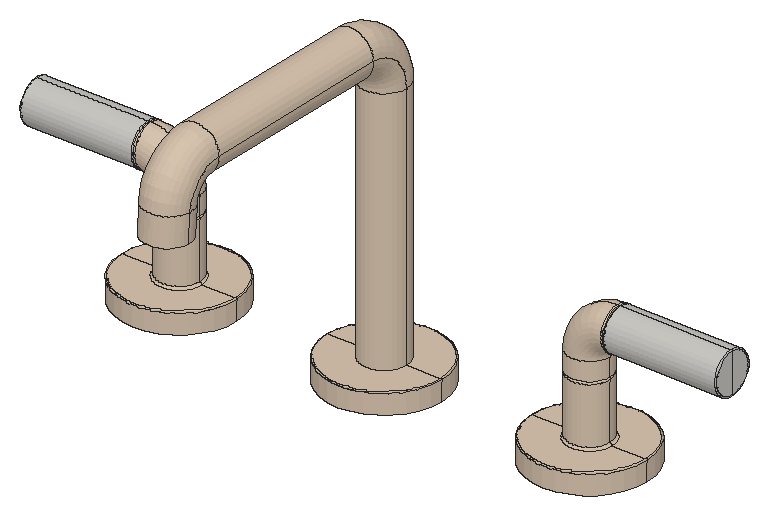
Revit family "Faucet-Lavatory-KALLISTA-One-P32357_1", category Plumbing Fixtures, host Face, Revit 2021
Family settings
  Host = Face
  Round Connector Dimension = Use Diameter
  Part Type = Normal
  OmniClass Number = 23.31.11.00
  OmniClass Title = Faucets
  Cut with Voids When Loaded = No
  Shared = No
  Room Calculation Point = No
Parameters (values of type "AD, BAF-Brushed French Gold")
  Width [instance] = Faucet Hole Spacing  # 8"
  WaterSense Certified = 1 = 0  # no
  Waste Water Outlet = "Waste Water Outlet"  # constant formula
  Waste Connection = 1 = 0  # no
  Vent Connection = 1 = 0  # no
  URL = "https://www.kallista.com/"
  Type = 1
  Spout Reach = 5.31102"  # constant formula
  Secondary Finish = Kallista-Metal-AD-Nickel_Silver
  Product Page URL = ""
  Product Name = "One"  # constant formula
  Product Documentation Link = ""
  Pressure = 45.00 psi  # constant formula
  Model = if(Type = 1, "P32357-AD-BAF", if(Type = 2, "P32357-ULB-SN", "NA"))  # "P32357-AD-BAF"
  Material = "Premium Metal Construction"  # constant formula
  Master Format 2014 Name = "Residential Faucets, Supplies, and Trim"  # constant formula
  Master Format 2014 = "22 41 39"  # constant formula
  Manufacturer Address = "444 Highland Dr, Kohler, WI 53044"  # constant formula
  Manufacturer = "Kallista Co."  # constant formula
  Length = Spout Reach  # 5.31102"
  Hot Water Inlet = "Hot Water Inlet"  # constant formula
  Height = 6.48819"  # constant formula
  Handle Clearance = 2.78622"  # constant formula
  HW Connection = 1 = 1  # yes
  Flow Rate = 1.2 GPM  # constant formula
  Finish = Kallista-Metal-BAF-Brushed_French_Gold
  Faucet Hole Spacing [instance] = 8"
  Environmental Product Declaration = ""
  Drain Included = 1 = 0  # no
  Description = "Sink Faucet , Tall Spout"  # constant formula
  Default Elevation = 36"
  Declare Label = ""
  Date Modified = "02/09/2023"  # constant formula
  Date Created = "02/09/2023"  # constant formula
  Copyright = "Copyright Kallista Co."  # constant formula
  Contact Us = "https://www.kallista.com/corporate/contact-us/"
  Cold Water Inlet = "Cold Water Inlet"  # constant formula
  CW Connection = 1 = 1  # yes
  Assembly Code = "D2010"
  ADA Compliant = 1 = 0  # no
Types (3): name | Type | Secondary Finish | Model | Finish
  (no name) | 1 | Kallista-Metal-AD-Nickel_Silver | "P32357-AD-BAF" | Kallista-Metal-BAF-Brushed_French_Gold
  AD, BAF-Brushed French Gold | 1 | Kallista-Metal-AD-Nickel_Silver | "P32357-AD-BAF" | Kallista-Metal-BAF-Brushed_French_Gold
  ULB, SN-Polished Nickel | 2 | Kallista-Metal-ULB-Unlacquered_Brass | "P32357-ULB-SN" | Kallista-Metal-SN-Polished_Nickel
Reference planes (in)
  plane 1 "Center (Front/Back)": y = 0
  plane 2: z = 0
  plane 3 "Center (Left/Right)": x = 0
  plane 4: x = -4
  plane 5: x = 4
  plane 6: x = -5.12598
  plane 7: x = -2.87402
  plane 8: y = 1.12598
  plane 9: x = 1.12598
  plane 10: x = -1.12598
  plane 11: x = 2.87402
  plane 12: x = 5.12598
  plane 13: y = -1.12598
  plane 14: y = 0.40169
  plane 15: y = -0.40169
  plane 16: z = 2.8937
  plane 17: z = 6.48819
  plane 18: x = -0.44056
  plane 19: x = 0.44056
  plane 20: z = 2.48819
  plane 21: x = -6.78622
  plane 22: y = -5.31102
  plane 23: y = -5.74803
  plane 24: through (0, -5.22464, 6.48917) normal (0, -0.9986, 0.0523)
  plane 25: x = 6.78622
Dimensions and locks (in)
  "Width": plane 4 to plane 5
  equal spacing: plane 4, plane 3 "Center (Left/Right)", plane 5
  equal spacing: plane 6, plane 4, plane 7
  equal spacing: plane 11, plane 5, plane 12
  plane 13 to plane 8 = 2.25197"
  locked: plane 7 to plane 6 at 2.25197
  "Handle Clearance": plane 21 to plane 4
  plane 16 to level = 2.8937"
  plane 20 to level = 2.48819"
  "Height": level to plane 17
  "Length": plane 1 "Center (Front/Back)" to plane 22
  plane 15 to plane 14 = 0.80337"
  "Handle Clearance": plane 25 to plane 5
  locked: plane 11 to plane 12 at 2.25197
  aligned and locked: plane 2 to host face
  aligned and locked: level to host face
  aligned and locked: plane 3 "Center (Left/Right)" to nested 1
  aligned and locked: plane 1 "Center (Front/Back)" to nested 2
  aligned and locked: nested 2 to plane 4
  aligned and locked: plane 5 to nested 3
  aligned and locked: nested 3 to plane 1 "Center (Front/Back)"
Automatic sketch dimensions
  host sketch curve to host sketch curve = 96"  (x2)
Nested families (in)
  nested 1: "P32357_Faucet" at (0, 0, 0), type "P32357_Faucet"
  nested 2: "P32357_Handle" at (-4, 0, 0), type "P32357_Handle"
  nested 3: "P32357_Handle" at (4, 0, 0) x (-1, 0, 0) z (0, 0, 1), type "P32357_Handle"
Connectors (in)
  piping at (-4, 0, 0), diameter 0.5, driven by "Flow Rate", driven by "Pressure", driven by "HW Connection", driven by "Hot Water Inlet"
    settings: on nested 2, index 1, connector inside diameter 24", connector length 0", flow factor 0, pipe flow 1.2 GPM, pressure drop 45.00 psi, fitting loss kfactor 0, connector angle 0.00°, fixture units 0, engagement length 0", angle of deflection 0.00°, flow configuration 1, flow direction 1, fitting loss method 4, system type 19, joint type 0, gender type 0, connector reference index -1, connector utility 1, adjustable connector no, is connector primary yes, connector description "Hot Water Inlet"
  piping at (4, 0, 0), diameter 0.5, driven by "Flow Rate", driven by "Pressure", driven by "CW Connection", driven by "Cold Water Inlet"
    settings: on nested 3, index 2, connector inside diameter 24", connector length 0", flow factor 0, pipe flow 1.2 GPM, pressure drop 45.00 psi, fitting loss kfactor 0, connector angle 0.00°, fixture units 0, engagement length 0", angle of deflection 0.00°, flow configuration 1, flow direction 1, fitting loss method 4, system type 20, joint type 0, gender type 0, connector reference index -1, connector utility 1, adjustable connector no, is connector primary no, connector description "Cold Water Inlet"
Definition of nested family "P32357_Faucet"
  Parameters (values of type "P32357_Faucet")
    Material = none
    Default Elevation = 0"
  Reference planes (in)
    plane 1 "Center (Front/Back)": y = 0
    plane 2: z = 0
    plane 3 "Center (Left/Right)": x = 0
    plane 4: x = -1.12598
    plane 5: x = 1.12598
    plane 6: y = 1.12598
    plane 7: y = -1.12598
    plane 8: z = 6.48819
    plane 9: y = -5.31102
    plane 10: y = -5.74803
    plane 11: through (0, -5.31102, 4.84078) normal (0, 0.9986, -0.0523)
    plane 12: x = -0.44056
    plane 13: x = 0.44056
  Forms (in)
    Revolve 1, solid, material <- "Material", detail levels medium+fine
      sketch origin (0, 0, 0) x (1, 0, 0) y (0, 0, 1)
        loop
          line (0, 0) -> (0, 0.39997) -> (-1.10612, 0.39997)
          arc (-1.10612, 0.39997) -> (-1.12017, 0.39415) -> (-1.12598, 0.38011) r 0.01986
          line (-1.12598, 0.38011) -> (-1.12598, 0) -> (0, 0)
        axis (0, 0) -> (0, 0.39997)
      angle from 0 to 360
    Sweep 2, solid, material <- "Material", detail levels medium+fine
      path origin (0, 0, 0) x (0, 1, 0) y (0, 0, 1)
        loop
          line (0, 0.27481) -> (0, 5.23063)
          arc (0, 5.23063) -> (-0.23975, 5.80943) -> (-0.81854, 6.04917) r 0.81854
          line (-0.81854, 6.04917) -> (-4.58281, 6.04917)
          arc (-4.58281, 6.04917) -> (-5.0651, 5.85676) -> (-5.28249, 5.3852) r 0.70064
          line (-5.28249, 5.3852) -> (-5.31105, 4.84037)
      profile origin (0, 0, 2.75272) x (0, -1, 0) y (1, 0, 0)
        loop
          circle (0, 0) r 0.44
    Extrusion 3, solid, detail levels medium+fine
      sketch origin (0, -0.06633, 3.26456) x (1, 0, 0) y (0, 0.99863, -0.052336)
        loop
          arc (0.3028, -5.51311) -> (0.33775, -5.4493) -> (0.35822, -5.37949) r 0.3377
          line (0.35822, -5.37949) -> (0.3184, -5.37949)
          arc (0.3184, -5.37949) -> (0.30165, -5.43433) -> (0.27453, -5.48484) r 0.29266
          line (0.27453, -5.48484) -> (0.3028, -5.51311)
        loop
          line (0.3183, -5.23969) -> (0.35823, -5.23969)
          arc (0.35823, -5.23969) -> (0.33728, -5.17005) -> (0.30278, -5.10603) r 0.36041
          line (0.30278, -5.10603) -> (0.27456, -5.13426)
          arc (0.27456, -5.13426) -> (0.30222, -5.18457) -> (0.3183, -5.23969) r 0.26293
        loop
          line (0.07, -5.62545) -> (0.07, -5.66732)
          arc (0.07, -5.66732) -> (0.13975, -5.64652) -> (0.20382, -5.61197) r 0.3558
          line (0.20382, -5.61197) -> (0.17562, -5.58377)
          arc (0.17562, -5.58377) -> (0.1254, -5.61118) -> (0.07, -5.62545) r 0.23166
        loop
          line (-0.07, -5.66738) -> (-0.07, -5.62545)
          arc (-0.07, -5.62545) -> (-0.12512, -5.61107) -> (-0.17448, -5.58265) r 0.21379
          line (-0.17448, -5.58265) -> (-0.20381, -5.61197)
          arc (-0.20381, -5.61197) -> (-0.13951, -5.64596) -> (-0.07, -5.66738) r 0.38856
        loop
          arc (-0.27464, -5.48499) -> (-0.30045, -5.43395) -> (-0.3179, -5.37949) r 0.3622
          line (-0.3179, -5.37949) -> (-0.35822, -5.37949)
          arc (-0.35822, -5.37949) -> (-0.33775, -5.44933) -> (-0.30283, -5.51318) r 0.33844
          line (-0.30283, -5.51318) -> (-0.27464, -5.48499)
        loop
          arc (-0.3183, -5.23969) -> (-0.3009, -5.18493) -> (-0.27534, -5.13347) r 0.37561
          line (-0.27534, -5.13347) -> (-0.30361, -5.1052)
          arc (-0.30361, -5.1052) -> (-0.3374, -5.16981) -> (-0.35823, -5.23969) r 0.38001
          line (-0.35823, -5.23969) -> (-0.3183, -5.23969)
        loop
          line (-0.06999, -4.99173) -> (-0.06999, -4.95272)
          arc (-0.06999, -4.95272) -> (-0.13942, -4.97343) -> (-0.20321, -5.00776) r 0.3562
          line (-0.20321, -5.00776) -> (-0.17557, -5.0354)
          arc (-0.17557, -5.0354) -> (-0.12492, -5.00839) -> (-0.06999, -4.99173) r 0.29431
        loop
          arc (0.20381, -5.0072) -> (0.1395, -4.97321) -> (0.06999, -4.95179) r 0.38878
          line (0.06999, -4.95179) -> (0.06999, -4.99173)
          arc (0.06999, -4.99173) -> (0.12488, -5.00849) -> (0.17552, -5.03548) r 0.29701
          line (0.17552, -5.03548) -> (0.20381, -5.0072)
      from 1.29917 to 1.76758
    Revolve 4, void
      sketch origin (0, 0.00054, 3.51213) x (0, 1, 0) y (0, 0, 1)
        loop
          line (-5.31897, 1.15119) -> (-4.94398, 1.13153) -> (-4.90156, 1.94094) -> (-5.27655, 1.9606) -> (-5.31897, 1.15119)
        axis (-5.31897, 1.15119) -> (-5.27655, 1.9606)
      angle from 0 to 360
    Revolve 5, solid, detail levels medium+fine
      sketch origin (0, -0.00508, 3.42513) x (0, 1, 0) y (0, 0, 1)
        loop
          line (-5.59906, 1.46321) -> (-5.57162, 1.98693) -> (-5.65025, 1.99105) -> (-5.6777, 1.46733) -> (-5.59906, 1.46321)
        axis (-5.30343, 1.44772) -> (-5.27598, 1.97143)
      angle from 0 to 360
    Revolve 6, solid, detail levels medium+fine
      sketch origin (0, -0.00514, 3.38366) x (0, 1, 0) y (0, 0, 1)
        loop
          line (-5.30012, 1.51094) -> (-4.93434, 1.49177) -> (-4.91083, 1.94026) -> (-5.27661, 1.95943) -> (-5.30012, 1.51094)
        axis (-5.30012, 1.51094) -> (-5.27661, 1.95943)
      angle from 0 to 360
    Extrusion 7, void
      sketch origin (0, -0.05407, 3.3715) x (1, 0, 0) y (0, 0.999349, -0.036083)
        loop
          circle (-0.12374, -5.45587) r 0.01969
        loop
          circle (-0.04175, -5.49333) r 0.01969
        loop
          circle (0.04556, -5.49037) r 0.01969
        loop
          circle (0.12424, -5.44884) r 0.01969
        loop
          circle (0.18556, -5.35088) r 0.01969
        loop
          circle (0.1831, -5.2407) r 0.01969
        loop
          circle (0.11973, -5.1474) r 0.01969
        loop
          circle (0.04556, -5.10966) r 0.01969
        loop
          circle (-0.19131, -5.23765) r 0.01969
        loop
          circle (-0.12398, -5.14349) r 0.01969
        loop
          circle (-0.04315, -5.10697) r 0.01969
        loop
          circle (-0.0046, -5.30001) r 0.01969
        loop
          circle (-0.19403, -5.35357) r 0.01969
        loop
          circle (-0.09777, -5.30001) r 0.01969
        loop
          circle (-0.07384, -5.36236) r 0.01969
        loop
          circle (-0.01434, -5.39267) r 0.01969
        loop
          circle (-0.07384, -5.23767) r 0.01969
        loop
          circle (-0.01434, -5.20735) r 0.01969
        loop
          circle (0.08857, -5.30001) r 0.01969
        loop
          circle (0.06464, -5.36236) r 0.01969
        loop
          circle (0.06464, -5.23767) r 0.01969
      from 1.27207 to 1.73569
    Sweep 8, solid, material <- "Material", detail levels coarse
      path origin (0, 0, 0) x (0, 1, 0) y (0, 0, 1)
        loop
          line (0, 0.27481) -> (0, 5.23063)
          arc (0, 5.23063) -> (-0.23975, 5.80943) -> (-0.81854, 6.04917) r 0.81854
          line (-0.81854, 6.04917) -> (-4.58281, 6.04917)
          arc (-4.58281, 6.04917) -> (-5.0651, 5.85676) -> (-5.28249, 5.3852) r 0.70064
          line (-5.28249, 5.3852) -> (-5.31105, 4.84037)
      profile origin (0, 0, 2.75272) x (0, -1, 0) y (1, 0, 0)
        loop
          circle (0, 0) r 0.44
    Revolve 9, solid, material <- "Material", detail levels coarse
      sketch origin (0, 0, 0) x (1, 0, 0) y (0, 0, 1)
        loop
          line (0, 0) -> (0, 0.39997) -> (-1.12598, 0.39997) -> (-1.12598, 0) -> (0, 0)
        axis (0, 0) -> (0, 0.39997)
      angle from 0 to 360
  Cuts and joins
    Revolve 4 cuts Sweep 2
    joined: Revolve 1, Sweep 2
    Extrusion 7 cuts Revolve 6
  Lines and regions (in)
    Masking region 1
      outline origin (0, 0, 0) x (1, 0, 0) y (0, 1, 0)
        loop
          line (-0.44009, -1.03535) -> (-0.44009, -5.30798)
          arc (-0.44009, -5.30798) -> (0, -5.74807) -> (0.44009, -5.30798) r 0.44009
          line (0.44009, -5.30798) -> (0.44009, -1.03535)
          arc (0.44009, -1.03535) -> (0, 1.125) -> (-0.44009, -1.03535) r 1.125
    Masking region 2
      outline origin (0, 0, 0) x (1, 0, 0) y (0, 0, 1)
        loop
          line (1.12598, 0) -> (1.12598, 0.38078)
          arc (1.12598, 0.38078) -> (1.12021, 0.39473) -> (1.10626, 0.40051) r 0.01973
          line (1.10626, 0.40051) -> (0.44056, 0.40051) -> (0.44056, 6.04796)
          arc (0.44056, 6.04796) -> (0, 6.48852) -> (-0.44056, 6.04796) r 0.44056
          line (-0.44056, 6.04796) -> (-0.44056, 0.40051) -> (-1.10626, 0.40051)
          arc (-1.10626, 0.40051) -> (-1.12021, 0.39473) -> (-1.12598, 0.38078) r 0.01973
          line (-1.12598, 0.38078) -> (-1.12598, 0) -> (1.12598, 0)
    Masking region 3
      outline origin (0, 0, 0) x (0, 1, 0) y (0, 0, 1)
        loop
          line (1.12598, 0) -> (1.12598, 0.3792)
          arc (1.12598, 0.3792) -> (1.11991, 0.39387) -> (1.10524, 0.39994) r 0.02074
          line (1.10524, 0.39994) -> (0.43976, 0.39994) -> (0.43976, 5.22211)
          arc (0.43976, 5.22211) -> (0.06893, 6.11736) -> (-0.82632, 6.48819) r 1.26608
          line (-0.82632, 6.48819) -> (-4.58382, 6.48819)
          arc (-4.58382, 6.48819) -> (-5.36717, 6.17566) -> (-5.72026, 5.40974) r 1.138
          line (-5.72026, 5.40974) -> (-5.74786, 4.88309)
          arc (-5.74786, 4.88309) -> (-5.7428, 4.8688) -> (-5.72912, 4.86228) r 0.0198
          line (-5.72912, 4.86228) -> (-4.89309, 4.81847)
          arc (-4.89309, 4.81847) -> (-4.8776, 4.82395) -> (-4.87052, 4.83879) r 0.02147
          line (-4.87052, 4.83879) -> (-4.85208, 5.19072)
          arc (-4.85208, 5.19072) -> (-4.71509, 5.48788) -> (-4.41117, 5.60913) r 0.44152
          line (-4.41117, 5.60913) -> (-0.87831, 5.60913)
          arc (-0.87831, 5.60913) -> (-0.56821, 5.48068) -> (-0.43976, 5.17057) r 0.43855
          line (-0.43976, 5.17057) -> (-0.43976, 0.39994) -> (-1.10524, 0.39994)
          arc (-1.10524, 0.39994) -> (-1.11991, 0.39387) -> (-1.12598, 0.3792) r 0.02074
          line (-1.12598, 0.3792) -> (-1.12598, 0) -> (1.12598, 0)
    symbolic lines, detail levels medium+fine
      curve 1: line (0, 0, 0) -> (0, 1.12598, 0)
      curve 2: line (-0.44, 0.00146, 0) -> (-0.44, -1.14816, 0)
      curve 3: line (0.44, 0.00146, 0) -> (0.44, -1.17965, 0)
      curve 4: arc (0.44, 0.00146, 0) -> (0, 0.44146, 0) -> (-0.44, 0.00146, 0) r 0.44
      curve 5: arc (0.44, -0.15393, 0) -> (0, 0.46615, 0) -> (-0.44, -0.15393, 0) r 0.46615
      curve 6: arc (0.44, -1.01407, 0) -> (0, 1.10542, 0) -> (-0.44, -1.01407, 0) r 1.10542
      curve 7: line (-0.44, -0.92913, 0) -> (0.44, -0.92913, 0)
      curve 8: line (-0.44009, -4.32677, 0) -> (0.44009, -4.32677, 0)
      curve 9: arc (-0.44009, -5.27691, 0) -> (0, -5.717, 0) -> (0.44009, -5.27691, 0) r 0.44009
      curve 10: line (-0.44056, 0, 0.40051) -> (0.44056, 0, 0.40051)
      curve 11: line (-1.12598, 0, 0.38078) -> (1.12598, 0, 0.38078)
      curve 12: spline (-0.44014, 0, 4.83811) -> (-0.42514, 0, 4.84477) -> (-0.38117, 0, 4.85098) -> (-0.31123, 0, 4.85631) -> (-0.22007, 0, 4.86039) -> (-0.11392, 0, 4.86296) -> (0, 0, 4.86384) -> (0.11392, 0, 4.86296) -> (0.22007, 0, 4.86039) -> (0.31123, 0, 4.85631) -> (0.38117, 0, 4.85098) -> (0.42514, 0, 4.84477) -> (0.44014, 0, 4.83811) -> (0.42514, 0, 4.83146) -> (0.38117, 0, 4.82525) -> (0.31123, 0, 4.81992) -> (0.22007, 0, 4.81583) -> (0.11392, 0, 4.81326) -> (0, 0, 4.81239) -> (-0.11392, 0, 4.81326) -> (-0.22007, 0, 4.81583) -> (-0.31123, 0, 4.81992) -> (-0.38117, 0, 4.82525) -> (-0.42514, 0, 4.83146) -> (-0.44014, 0, 4.83811)
      curve 13: spline (-0.37515, 0, 4.83971) -> (-0.36237, 0, 4.84428) -> (-0.32489, 0, 4.84853) -> (-0.26527, 0, 4.85219) -> (-0.18758, 0, 4.85499) -> (-0.0971, 0, 4.85676) -> (0, 0, 4.85736) -> (0.0971, 0, 4.85676) -> (0.18758, 0, 4.85499) -> (0.26527, 0, 4.85219) -> (0.32489, 0, 4.84853) -> (0.36237, 0, 4.84428) -> (0.37515, 0, 4.83971) -> (0.36237, 0, 4.83514) -> (0.32489, 0, 4.83089) -> (0.26527, 0, 4.82723) -> (0.18758, 0, 4.82443) -> (0.0971, 0, 4.82267) -> (0, 0, 4.82207) -> (-0.0971, 0, 4.82267) -> (-0.18758, 0, 4.82443) -> (-0.26527, 0, 4.82723) -> (-0.32489, 0, 4.83089) -> (-0.36237, 0, 4.83514) -> (-0.37515, 0, 4.83971)
      curve 14: line (-0.17557, 0, 4.82412) -> (-0.17557, 0, 4.85531)
      curve 15: line (-0.06999, 0, 4.82238) -> (-0.06999, 0, 4.85705)
      curve 16: line (-0.27534, 0, 4.82773) -> (-0.27534, 0, 4.8517)
      curve 17: line (0.17557, 0, 4.82412) -> (0.17557, 0, 4.85531)
      curve 18: line (0.06999, 0, 4.82238) -> (0.06999, 0, 4.85705)
      curve 19: line (0.27534, 0, 4.82773) -> (0.27534, 0, 4.8517)
      curve 20: arc (-0.24291, 0, 5.24086) -> (-0.011, 0, 5.25364) -> (0.22102, 0, 5.24288) r 2.29147
      curve 21: arc (-0.44056, 0, 5.19396) -> (-0.34323, 0, 5.22371) -> (-0.24291, 0, 5.24086) r 0.80041
      curve 22: arc (0.44056, 0, 5.19396) -> (0.33252, 0, 5.22617) -> (0.22102, 0, 5.24288) r 0.80041
      curve 23: line (0, 0.43976, 0.39994) -> (0, -0.44908, 0.39994)
      curve 24: line (0, 1.12598, 0.3792) -> (0, -1.12598, 0.3792)
      curve 25: line (0, -4.87052, 4.83879) -> (0, -5.74777, 4.88476)
      curve 26: line (0, -0.87831, 5.60913) -> (0, -0.87831, 6.48819)
      curve 27: line (0, -0.43976, 5.17057) -> (0, 0.43976, 5.22211)
      curve 28: line (0, -4.41117, 5.60913) -> (0, -4.41117, 6.48819)
      curve 29: line (0, -4.85208, 5.19072) -> (0, -5.72933, 5.23669)
  Dimensions and locks (in)
    plane 4 to plane 5 = 2.25197"
    plane 8 to level = 6.48819"
    aligned and locked: plane 2 to level
Definition of nested family "P32357_Handle"
  Parameters (values of type "P32357_Handle")
    Secondary Material = none
    Material = none
    Default Elevation = 0"
  Reference planes (in)
    plane 1 "Center (Front/Back)": y = 0
    plane 2: z = 0
    plane 3 "Center (Left/Right)": x = 0
    plane 4: z = 2.8937
    plane 5: z = 2.48819
    plane 6: x = 1.12598
    plane 7: x = -1.12598
    plane 8: y = 0.40169
    plane 9: y = -0.40169
    plane 10: x = -2.78604
    plane 11: y = 1.12598
    plane 12: y = -1.12598
  Forms (in)
    Revolve 1, solid, material <- "Material", detail levels medium+fine
      sketch origin (0, 0, 0) x (1, 0, 0) y (0, 0, 1)
        loop
          line (0, 0) -> (1.12598, 0) -> (1.12598, 0.37796)
          arc (1.12598, 0.37796) -> (1.11944, 0.39377) -> (1.10362, 0.40032) r 0.02236
          line (1.10362, 0.40032) -> (0.44271, 0.40032)
          arc (0.44271, 0.40032) -> (0.41394, 0.41224) -> (0.40202, 0.44102) r 0.0407
          line (0.40202, 0.44102) -> (0.40202, 1.53181)
          arc (0.40202, 1.53181) -> (0.39093, 1.55858) -> (0.36415, 1.56967) r 0.03786
          line (0.36415, 1.56967) -> (0, 1.56967) -> (0, 0)
        axis (0, 0) -> (0, 1.56967)
      angle from 0 to 360
    Sweep 2, solid, material <- "Material", detail levels medium+fine
      path origin (0, 0, 0) x (1, 0, 0) y (0, 0, 1)
        loop
          line (0, 1.588) -> (0, 1.9423)
          arc (0, 1.9423) -> (-0.15989, 2.3283) -> (-0.54589, 2.48819) r 0.54589
          line (-0.54589, 2.48819) -> (-0.5855, 2.48819)
      profile origin (0, 0, 1.76515) x (-1, 0, 0) y (0, -1, 0)
        loop
          circle (0, 0) r 0.40417
    Revolve 3, solid, material <- "Secondary Material", detail levels medium+fine
      sketch origin (0, 0, 0) x (1, 0, 0) y (0, 0, 1)
        loop
          line (-0.58584, 2.48819) -> (-0.58584, 2.87312)
          arc (-0.58584, 2.87312) -> (-0.59187, 2.88767) -> (-0.60642, 2.8937) r 0.02058
          line (-0.60642, 2.8937) -> (-2.76323, 2.8937)
          arc (-2.76323, 2.8937) -> (-2.77932, 2.88704) -> (-2.78598, 2.87095) r 0.02275
          line (-2.78598, 2.87095) -> (-2.78598, 2.48819) -> (-0.58584, 2.48819)
        axis (-0.58584, 2.48819) -> (-2.78598, 2.48819)
      angle from 0 to 360
    Revolve 4, solid, detail levels medium+fine
      sketch origin (0, 0, 0) x (1, 0, 0) y (0, 0, 1)
        loop
          line (0, 1.57) -> (0, 1.60191) -> (-0.35, 1.60191) -> (-0.35, 1.57) -> (0, 1.57)
        axis (0, 1.57) -> (0, 1.60937)
      angle from 0 to 360
    Extrusion 5, solid, material <- "Material", detail levels medium+fine
      sketch origin (0, 0, 0) x (1, 0, 0) y (0, 1, 0)
        loop
          circle (0, 0) r 0.03937
      from 0 to 0.018
    Revolve 6, solid, material <- "Material", detail levels coarse
      sketch origin (0, 0, 0) x (1, 0, 0) y (0, 0, 1)
        loop
          line (0, 0) -> (1.12598, 0) -> (1.12598, 0.40032) -> (0.40202, 0.40032) -> (0.40202, 1.56967) -> (0, 1.56967) -> (0, 0)
        axis (0, 0) -> (0, 1.56967)
      angle from 0 to 360
    Sweep 7, solid, material <- "Material", detail levels coarse
      path origin (0, 0, 0) x (1, 0, 0) y (0, 0, 1)
        loop
          line (0, 1.56967) -> (0, 1.9423)
          arc (0, 1.9423) -> (-0.15989, 2.3283) -> (-0.54589, 2.48819) r 0.54589
          line (-0.54589, 2.48819) -> (-0.5855, 2.48819)
      profile origin (0, 0, 1.75599) x (-1, 0, 0) y (0, -1, 0)
        loop
          circle (0, 0) r 0.40202
    Revolve 8, solid, material <- "Secondary Material", detail levels coarse
      sketch origin (0, 0, 0) x (1, 0, 0) y (0, 0, 1)
        loop
          line (-0.58584, 2.48819) -> (-0.58584, 2.8937) -> (-2.78598, 2.8937) -> (-2.78598, 2.48819) -> (-0.58584, 2.48819)
        axis (-0.58584, 2.48819) -> (-2.78598, 2.48819)
      angle from 0 to 360
  Cuts and joins
    joined: Revolve 6, Sweep 7
  Lines and regions (in)
    Masking region 1
      outline origin (0, 0, 0) x (1, 0, 0) y (0, 1, 0)
        loop
          line (-2.76514, -0.40169) -> (-1.0519, -0.40169)
          arc (-1.0519, -0.40169) -> (1.12598, 0) -> (-1.0519, 0.40169) r 1.12598
          line (-1.0519, 0.40169) -> (-2.76532, 0.40169)
          arc (-2.76532, 0.40169) -> (-2.77995, 0.39563) -> (-2.786, 0.38101) r 0.02068
          line (-2.786, 0.38101) -> (-2.786, -0.38082)
          arc (-2.786, -0.38082) -> (-2.77989, -0.39557) -> (-2.76514, -0.40169) r 0.02087
    Masking region 2
      outline origin (0, 0, 0) x (1, 0, 0) y (0, 0, 1)
        loop
          arc (-0.58604, 2.86869) -> (-0.58056, 2.88312) -> (-0.56689, 2.89028) r 0.02174
          arc (-0.56689, 2.89028) -> (0.12919, 2.58766) -> (0.40207, 1.87938) r 0.98275
          line (0.40207, 1.87938) -> (0.40207, 1.59789)
          arc (0.40207, 1.59789) -> (0.39628, 1.58391) -> (0.38229, 1.57812) r 0.01977
          line (0.38229, 1.57812) -> (0.32996, 1.57812) -> (0.36251, 1.57)
          arc (0.36251, 1.57) -> (0.39066, 1.55834) -> (0.40232, 1.53019) r 0.03981
          line (0.40232, 1.53019) -> (0.40232, 0.44054)
          arc (0.40232, 0.44054) -> (0.41415, 0.41198) -> (0.44272, 0.40015) r 0.0404
          line (0.44272, 0.40015) -> (1.10515, 0.40015)
          arc (1.10515, 0.40015) -> (1.11988, 0.39404) -> (1.12598, 0.37931) r 0.02084
          line (1.12598, 0.37931) -> (1.12598, 0) -> (-1.12598, 0) -> (-1.12598, 0.37931)
          arc (-1.12598, 0.37931) -> (-1.11988, 0.39404) -> (-1.10515, 0.40015) r 0.02084
          line (-1.10515, 0.40015) -> (-0.44272, 0.40015)
          arc (-0.44272, 0.40015) -> (-0.41415, 0.41198) -> (-0.40232, 0.44054) r 0.0404
          line (-0.40232, 0.44054) -> (-0.40232, 1.53019)
          arc (-0.40232, 1.53019) -> (-0.39066, 1.55834) -> (-0.36251, 1.57) r 0.03981
          line (-0.36251, 1.57) -> (-0.32996, 1.57812) -> (-0.38171, 1.57812)
          arc (-0.38171, 1.57812) -> (-0.3961, 1.58408) -> (-0.40207, 1.59848) r 0.02036
          line (-0.40207, 1.59848) -> (-0.40207, 1.90334)
          arc (-0.40207, 1.90334) -> (-0.45023, 2.02561) -> (-0.56689, 2.0861) r 0.18721
          arc (-0.56689, 2.0861) -> (-0.58056, 2.09326) -> (-0.58604, 2.10769) r 0.02174
        loop
          line (-0.6059, 2.8937) -> (-2.76498, 2.8937)
          arc (-2.76498, 2.8937) -> (-2.77987, 2.88753) -> (-2.78604, 2.87264) r 0.02106
          line (-2.78604, 2.87264) -> (-2.78604, 2.10576)
          arc (-2.78604, 2.10576) -> (-2.7801, 2.09142) -> (-2.76577, 2.08549) r 0.02027
          line (-2.76577, 2.08549) -> (-0.6059, 2.08549)
          arc (-0.6059, 2.08549) -> (-0.59186, 2.0913) -> (-0.58604, 2.10535) r 0.01986
        loop
          arc (-0.6059, 2.89089) -> (-0.59186, 2.88508) -> (-0.58604, 2.87103) r 0.01986
    Masking region 3
      outline origin (0, 0, 0) x (0, 1, 0) y (0, 0, 1)
        loop
          line (-1.12598, 0) -> (1.12598, 0) -> (1.12598, 0.37894)
          arc (1.12598, 0.37894) -> (1.11975, 0.39398) -> (1.10471, 0.40021) r 0.02128
          line (1.10471, 0.40021) -> (0.44253, 0.40021)
          arc (0.44253, 0.40021) -> (0.41365, 0.41218) -> (0.40169, 0.44106) r 0.04084
          line (0.40169, 0.44106) -> (0.40169, 1.53115)
          arc (0.40169, 1.53115) -> (0.39022, 1.55882) -> (0.36255, 1.57029) r 0.03914
          line (0.36255, 1.57029) -> (0.31799, 1.57029) -> (0.34995, 1.57797) -> (0.3817, 1.57797)
          arc (0.3817, 1.57797) -> (0.39583, 1.58383) -> (0.40169, 1.59796) r 0.01999
          line (0.40169, 1.59796) -> (0.40169, 2.49279)
          arc (0.40169, 2.49279) -> (0, 2.89447) -> (-0.40169, 2.49279) r 0.40169
          line (-0.40169, 2.49279) -> (-0.40169, 1.59796)
          arc (-0.40169, 1.59796) -> (-0.39583, 1.58383) -> (-0.3817, 1.57797) r 0.01999
          line (-0.3817, 1.57797) -> (-0.34995, 1.57797) -> (-0.31799, 1.57029) -> (-0.36255, 1.57029)
          arc (-0.36255, 1.57029) -> (-0.39022, 1.55882) -> (-0.40169, 1.53115) r 0.03914
          line (-0.40169, 1.53115) -> (-0.40169, 0.44106)
          arc (-0.40169, 0.44106) -> (-0.41365, 0.41218) -> (-0.44253, 0.40021) r 0.04084
          line (-0.44253, 0.40021) -> (-1.10471, 0.40021)
          arc (-1.10471, 0.40021) -> (-1.11975, 0.39398) -> (-1.12598, 0.37894) r 0.02128
          line (-1.12598, 0.37894) -> (-1.12598, 0)
    symbolic lines, detail levels medium+fine
      curve 1: line (-1.04994, 0.40169, 0) -> (-0.59696, 0.40169, 0)
      curve 2: line (-0.57306, 0.40169, 0) -> (0.00747, 0.40169, 0)
      curve 3: arc (-0.5859, 0.38861, 0) -> (-0.58223, 0.39784, 0) -> (-0.57306, 0.40169, 0) r 0.01284
      curve 4: arc (-0.59696, 0.40169, 0) -> (-0.5884, 0.39771, 0) -> (-0.5859, 0.38861, 0) r 0.01122
      curve 5: line (-1.04994, -0.40169, 0) -> (-0.59696, -0.40169, 0)
      curve 6: line (-0.57306, -0.40169, 0) -> (0.00747, -0.40169, 0)
      curve 7: arc (-0.5859, -0.38861, 0) -> (-0.58223, -0.39784, 0) -> (-0.57306, -0.40169, 0) r 0.01284
      curve 8: arc (-0.59696, -0.40169, 0) -> (-0.5884, -0.39771, 0) -> (-0.5859, -0.38861, 0) r 0.01122
      curve 9: arc (0.00747, 0.40169, 0) -> (0.40915, 0, 0) -> (0.00747, -0.40169, 0) r 0.40169
      curve 10: arc (-0.21358, -0.40169, 0) -> (0.45494, 0, 0) -> (-0.21358, 0.40169, 0) r 0.45494
      curve 11: arc (-1.02811, -0.40169, 0) -> (1.10379, 0, 0) -> (-1.02811, 0.40169, 0) r 1.10379
      curve 12: line (-0.59696, -0.40169, 0) -> (-0.59696, 0.40169, 0)
      curve 13: line (-0.57306, 0.40169, 0) -> (-0.57306, -0.40169, 0)
      curve 14: line (-0.5859, -0.38861, 0) -> (-0.5859, 0.38861, 0)
      curve 15: line (-2.76532, 0.40169, 0) -> (-2.76532, -0.40169, 0)
      curve 16: line (-0.32996, 0, 1.57812) -> (0.34122, 0, 1.57812)
      curve 17: line (-0.40207, 0, 1.59848) -> (0.40206, 0, 1.59848)
      curve 18: line (-0.40232, 0, 1.53019) -> (0.40232, 0, 1.53019)
      curve 19: line (0.36251, 0, 1.57) -> (-0.36251, 0, 1.57)
      curve 20: line (-0.58604, 0, 2.86869) -> (-0.58604, 0, 2.10535)
      curve 21: line (-0.6059, 0, 2.8937) -> (-0.6059, 0, 2.08549)
      curve 22: line (-0.56689, 0, 2.89028) -> (-0.56689, 0, 2.0861)
      curve 23: line (-2.76498, 0, 2.8937) -> (-2.76498, 0, 2.0855)
      curve 24: line (-0.40232, 0, 0.44054) -> (0.40232, 0, 0.44054)
      curve 25: line (-0.44272, 0, 0.40015) -> (0.44272, 0, 0.40015)
      curve 26: line (-1.12598, 0, 0.37931) -> (1.12598, 0, 0.37931)
      curve 27: line (0, 0.31799, 1.57029) -> (0, -0.31799, 1.57029)
      curve 28: line (0, 0.34995, 1.57797) -> (0, -0.34995, 1.57797)
      curve 29: line (0, 0.40169, 1.53115) -> (0, -0.40169, 1.53115)
      curve 30: line (0, -0.40169, 1.59796) -> (0, 0.40169, 1.59796)
      curve 31: circle (0, 0, 2.48819) r 0.38143 normal (1, 0, 0)
      curve 32: arc (0, 0.40166, 2.48819) -> (0, 0, 2.08191) -> (0, -0.40166, 2.48819) r 0.40169
      curve 33: line (0, 0.40169, 1.91471) -> (0, -0.40169, 1.91471)
      curve 34: line (0, 0.44253, 0.40021) -> (0, -0.44253, 0.40021)
      curve 35: line (0, -0.40169, 0.44106) -> (0, 0.40169, 0.44106)
      curve 36: line (0, 1.12598, 0.37894) -> (0, -1.12598, 0.37894)
  Dimensions and locks (in)
    level to plane 5 = 2.48819"
    level to plane 4 = 2.8937"
    plane 6 to plane 7 = 2.25197"
    aligned and locked: plane 2 to level
